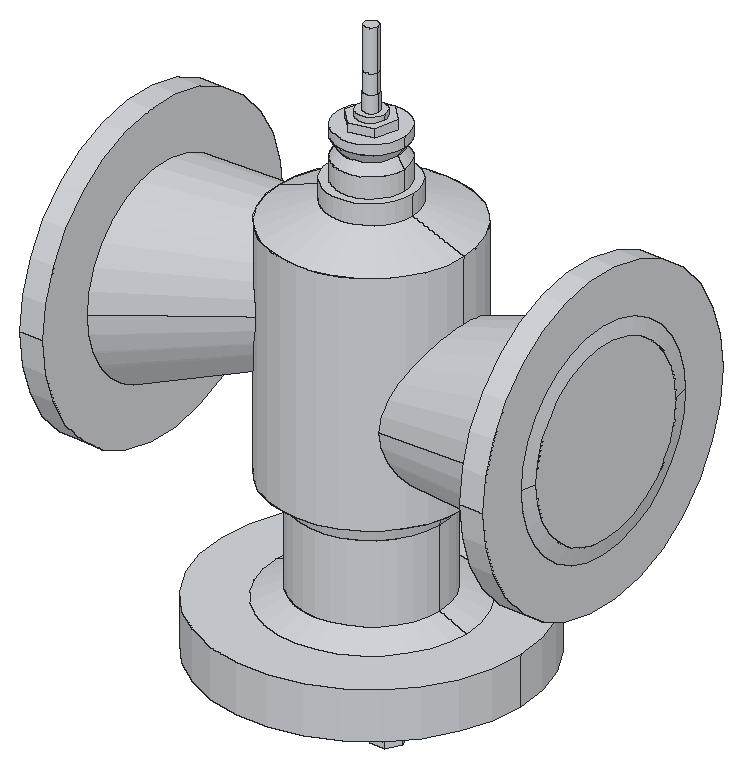
Revit family "2FGB_PN16_DN065_RFA_2018", category Pipe Accessories, Revit 2018
Family settings
  Round Connector Dimension = Use Diameter
  Part Type = Valve - Breaks Into
  Work Plane-Based = No
  Always vertical = Yes
  Cut with Voids When Loaded = No
  Shared = No
Parameters (values of type "2FGB PN16 DN065")
  magiProductId = ""
  magiProductFamilyId = ""
  magiPartTypeId = 306
  isMeasuringValve [instance] = no
  ang2D [instance] = 0.00°
  Z9 = 4.2 mm
  Z8 = 5.7 mm
  Z7 = 3 mm
  Z6 = 6 mm
  Z5 = 6 mm
  Z4 = 12 mm
  Z3 = 139.45 mm
  Z19 = 9.9 mm
  Z15 = 33.25 mm
  Z14__ve = -Z14  # -11.875 mm
  Z14 = 11.875 mm
  Z13 = 6.82 mm
  Z12 = 47.74 mm
  Z10 = 5.1 mm
  X4 = 28.6 mm
  X2__ve = -X2  # -14.3 mm
  X2 = 14.3 mm
  X1 = 2 mm
  W2D = 65 mm
  VersionID = ""
  Use Minimum Symbol Size [instance] = yes
  URL = "www.hydronix.cz"
  Type Comments = "Přírubový; EQM charakteristika; PN16; -10~+150°C"
  R9 = 4 mm
  R7 = 8.34 mm
  R6 = 13.9 mm
  R5 = 16.474 mm
  R4 = 20.592 mm
  R3 = 25.74 mm
  R2 = 44.25 mm
  R13 = 42.48 mm
  R12 = 4.378 mm
  R1 = 35.4 mm
  QmdConnectorList = "301;D;302;D"
  Productdata [instance] = "2FGB65 (DN65; PN16; kvs63)"
  Manufacturer = "Hydronix"
  Maintenance Zone Under Depth [instance] = 207 mm
  Maintenance Zone Right Depth [instance] = 175 mm
  Maintenance Zone Over Depth [instance] = 221 mm
  Maintenance Zone Left Depth [instance] = 175 mm
  Maintenance Zone Front Depth [instance] = 110 mm
  Maintenance Zone Back Depth [instance] = 110 mm
  Maintenance Zone Front Visibility [instance] = no
  LT2 = 145 mm
  L2D_Min = 3048 mm
  L2D = 290 mm
  HCDT2 = 59 mm
  H4 = 175 mm
  H3 = 95 mm
  H2 = 25 mm
  FDT2 = 92.5 mm
  Description = "2 cestný regulační ventil přírubový; DN65; PN16; kvs63; zdvih 25mm"
  D4 = 53.975 mm
  D3 = 63.5 mm
  D2 = 57.2 mm
  D = 65 mm
  CenSd_R6_6 = R6 * cos(30.00°)  # 12.037 mm
  CenSd_A_6 = A * cos(30.00°)  # 8.011 mm
  Clearance Zone Height Depth [instance] = 221 mm
  CZONC [instance] = 175 mm
  Clearance Zone Visibility [instance] = no
  B1 = 51.265 mm
  A = 9.25 mm
Types (5, lengths in mm): name | Z9 | Z8 | Z6 | Z5 | Z4 | Z3 | Z19 | Z15 | Z14__ve | Z14 | Z13 | Z12 | Z10 | X4 | X2__ve | X2 | W2D | R7 | R6 | R5 | R4 | R3 | R2 | R13 | R12 | R1 | Productdata | LT2 | L2D | HCDT2 | H4 | H3 | H2 | FDT2 | Description | D4 | D3 | D2 | D | CenSd_R6_6 | CenSd_A_6 | B1 | A
  2FGB PN16 DN100 | 4.165 | 5.602 | 5.95 | 5.95 | 11.9 | 168.575 | 9.767 | 40.775 | -14.562 | 14.562 | 8.12 | 56.84 | 5.082 | 34.6 | -17.3 | 17.3 | 100 | 10.089 | 16.816 | 19.93 | 24.912 | 31.14 | 57.375 | 55.08 | 5.297 | 45.9 | "2FGB100 (DN100; PN16; kvs130)" | 175 | 350 | 76.5 | 207 | 116.5 | 45 | 110 | "2 cestný regulační ventil přírubový; DN100; PN16; kvs130; zdvih 45mm" | 68.85 | 81 | 69.2 | 100 | 14.563 | 9.526 | 63.64 | 11
  2FGB PN16 DN080 | 4.2 | 5.7 | 6 | 6 | 12 | 151.95 | 9.9 | 36.75 | -13.125 | 13.125 | 7.32 | 51.24 | 5.1 | 30.6 | -15.3 | 15.3 | 80 | 8.923 | 14.872 | 17.626 | 22.032 | 27.54 | 49.875 | 47.88 | 4.685 | 39.9 | "2FGB80 (DN80; PN16; kvs100)" | 155 | 310 | 66.5 | 187 | 105 | 45 | 100 | "2 cestný regulační ventil přírubový; DN80; PN16; kvs100; zdvih 45mm" | 60.35 | 71 | 61.2 | 80 | 12.879 | 8.66 | 56.569 | 10
  2FGB PN16 DN065 | 4.2 | 5.7 | 6 | 6 | 12 | 139.45 | 9.9 | 33.25 | -11.875 | 11.875 | 6.82 | 47.74 | 5.1 | 28.6 | -14.3 | 14.3 | 65 | 8.34 | 13.9 | 16.474 | 20.592 | 25.74 | 44.25 | 42.48 | 4.378 | 35.4 | "2FGB65 (DN65; PN16; kvs63)" | 145 | 290 | 59 | 175 | 95 | 25 | 92.5 | "2 cestný regulační ventil přírubový; DN65; PN16; kvs63; zdvih 25mm" | 53.975 | 63.5 | 57.2 | 65 | 12.037 | 8.011 | 51.265 | 9.25
  2FGB PN16 DN150 | 4.2 | 5.7 | 6 | 6 | 12 | 227.45 | 9.9 | 54.95 | -19.625 | 19.625 | 10.97 | 76.79 | 5.1 | 47.6 | -23.8 | 23.8 | 150 | 13.88 | 23.134 | 27.418 | 34.272 | 42.84 | 77.625 | 74.52 | 7.287 | 62.1 | "2FGB150 (DN150; PN16; kvs300)" | 240 | 480 | 103.5 | 277 | 157 | 45 | 142.5 | "2 cestný regulační ventil přírubový; DN150; PN16; kvs300; zdvih 45mm" | 92.65 | 109 | 95.2 | 150 | 20.034 | 12.341 | 84.853 | 14.25
  2FGB PN16 DN125 | 4.2 | 5.7 | 6 | 6 | 12 | 196.45 | 9.9 | 48.65 | -17.375 | 17.375 | 9.22 | 64.54 | 5.1 | 39.6 | -19.8 | 19.8 | 125 | 11.547 | 19.246 | 22.81 | 28.512 | 35.64 | 68.625 | 65.88 | 6.062 | 54.9 | "2FGB125 (DN125; PN16; kvs200)" | 200 | 400 | 91.5 | 234 | 139 | 45 | 125 | "2 cestný regulační ventil přírubový; DN125; PN16; kvs200; zdvih 45mm" | 81.6 | 96 | 79.2 | 125 | 16.667 | 10.825 | 74.246 | 12.5
Reference planes
  plane 1 "Center (Front/Back)": y = 0
  plane 2 "XYPLANE": z = 0
  plane 3 "Center (Left/Right)": x = 0
  plane 4 "234": y = -51.265
  plane 5 "233": x = 51.265
  plane 6 "232": x = -51.265
  plane 7 "231": y = 51.265
  plane 8 "225": z = -165
  plane 9 "223": z = 221
  plane 10 "221": x = -175
  plane 11 "220": x = 175
  plane 12 "219": y = -110
  plane 13 "218": y = 110
  plane 14 "196": z = -207
  plane 15 "182": z = 155
  plane 16 "161": z = 143
  plane 17 "158": z = 137.3
  plane 18 "150": z = 133.1
  plane 19 "148": z = 130.1
  plane 20 "142": z = 125
  plane 21 "136": z = 119
  plane 22 "135": z = 113
  plane 23 "131": z = 107
  plane 24 "78": z = 71.25
  plane 25 "77": z = 83.125
  plane 26 "74": z = 95
  plane 27 "70": z = -68.2
  plane 28 "65": z = -75.02
  plane 29 "64": z = -81.84
  plane 30 "58": z = -129.58
  plane 31 "57": z = -136.4
  plane 32 "46": z = -175
  plane 33 "28": x = 128.7
  plane 34 "27": x = 143
  plane 35 "21": z = -20
  plane 36 "16": z = 33.25
  plane 37 "13": x = -128.7
  plane 38 "7": x = -143
  plane 39 "6": x = 145
  plane 40 "5": x = -145
  plane 41 "3": y = 0
  plane 42 "2": z = 0
  plane 43 "1": x = 0
Forms (mm)
  Extrusion 1, solid
    sketch origin (-750, 0, -175) x (1, 0, 0) y (0, 1, 0)
      loop
        line (810.515, -51.265) -> (805.89, -43.255) -> (796.64, -43.255) -> (792.015, -51.265) -> (796.64, -59.276) -> (805.89, -59.276) -> (810.515, -51.265)
    from 0 to 10
  Extrusion 2, solid
    sketch origin (-750, 0, -175) x (1, 0, 0) y (0, 1, 0)
      loop
        line (707.985, -51.265) -> (703.36, -43.255) -> (694.11, -43.255) -> (689.485, -51.265) -> (694.11, -59.276) -> (703.36, -59.276) -> (707.985, -51.265)
    from 0 to 10
  Extrusion 3, solid
    sketch origin (-750, 0, -175) x (1, 0, 0) y (0, 1, 0)
      loop
        line (810.515, 51.265) -> (805.89, 59.276) -> (796.64, 59.276) -> (792.015, 51.265) -> (796.64, 43.255) -> (805.89, 43.255) -> (810.515, 51.265)
    from 0 to 10
  Extrusion 4, solid
    sketch origin (-750, 0, -175) x (1, 0, 0) y (0, 1, 0)
      loop
        line (707.985, 51.265) -> (703.36, 59.276) -> (694.11, 59.276) -> (689.485, 51.265) -> (694.11, 43.255) -> (703.36, 43.255) -> (707.985, 51.265)
    from 0 to 10
  Blend 5, solid, visible <- "Maintenance Zone Front Visibility"
    base sketch origin (-750, 0, 221) x (1, 0, 0) y (0, 1, 0)
      loop
        line (575, 110) -> (575, -110) -> (925, -110) -> (925, 110) -> (575, 110)
    top sketch origin (-750, 0, 221) x (1, 0, 0) y (0, 1, 0)
      loop
        line (575, 110) -> (575, -110) -> (925, -110) -> (925, 110) -> (575, 110)
    from 0 to -428
  Extrusion 6, solid, visible <- "Clearance Zone Visibility"
    sketch origin (-750, 0, 0) x (1, 0, 0) y (0, 1, 0)
      loop
        circle (750, 0) r 175
    from 0 to 221 <- "Clearance Zone Height Depth"
  Extrusion 7, solid
    sketch origin (-750, 0, 133.1) x (1, 0, 0) y (0, 1, 0)
      loop
        circle (750, 0) r 4.378
    from 0 to 9.9 <- "Z19"
  Extrusion 8, solid
    sketch origin (-750, 0, 155) x (1, 0, 0) y (0, 1, 0)
      loop
        circle (750, 0) r 4
    from 0 to 25 <- "H2"
  Extrusion 9, solid
    sketch origin (-750, 0, 143) x (1, 0, 0) y (0, 1, 0)
      loop
        circle (750, 0) r 4
    from 0 to 12 <- "Z4"
  Extrusion 10, solid
    sketch origin (-750, 0, 130.1) x (1, 0, 0) y (0, 1, 0)
      loop
        circle (750, 0) r 8.34
    from 0 to 3 <- "Z7"
  Extrusion 11, solid
    sketch origin (-750, 0, 125) x (1, 0, 0) y (0, 1, 0)
      loop
        line (759.829, -9.829) -> (763.426, 3.597) -> (753.597, 13.426) -> (740.171, 9.829) -> (736.574, -3.597) -> (746.403, -13.426) -> (759.829, -9.829)
    from 0 to 5.1 <- "Z10"
  Extrusion 12, solid
    sketch origin (-750, 0, 119) x (1, 0, 0) y (0, 1, 0)
      loop
        circle (750, 0) r 20.592
    from 0 to 6 <- "Z6"
  Blend 13, solid
    base sketch origin (-750, 0, 113) x (1, 0, 0) y (0, 1, 0)
      loop
        circle (750, 0) r 16.474
    top sketch origin (-750, 0, 113) x (1, 0, 0) y (0, 1, 0)
      loop
        circle (750, 0) r 20.592
    from 0 to 6
  Blend 14, solid
    base sketch origin (-750, 0, 107) x (1, 0, 0) y (0, 1, 0)
      loop
        circle (750, 0) r 20.592
    top sketch origin (-750, 0, 107) x (1, 0, 0) y (0, 1, 0)
      loop
        circle (750, 0) r 16.474
    from 0 to 6
  Extrusion 15, solid
    sketch origin (-750, 0, 95) x (1, 0, 0) y (0, 1, 0)
      loop
        circle (750, 0) r 20.592
    from 0 to 12 <- "Z4"
  Extrusion 16, solid
    sketch origin (-750, 0, 95) x (1, 0, 0) y (0, 1, 0)
      loop
        circle (750, 0) r 25.74
    from 0 to -11.875 <- "Z14__ve"
  Blend 17, solid
    base sketch origin (-750, 0, 71.25) x (1, 0, 0) y (0, 1, 0)
      loop
        circle (750, 0) r 57.2
    top sketch origin (-750, 0, 71.25) x (1, 0, 0) y (0, 1, 0)
      loop
        circle (750, 0) r 25.74
    from 0 to 11.875
  Blend 18, solid
    base sketch origin (-750, 0, -75.02) x (1, 0, 0) y (0, 1, 0)
      loop
        circle (750, 0) r 44.25
    top sketch origin (-750, 0, -75.02) x (1, 0, 0) y (0, 1, 0)
      loop
        circle (750, 0) r 57.2
    from 0 to 6.82
  Blend 19, solid
    base sketch origin (-750, 0, -81.84) x (1, 0, 0) y (0, 1, 0)
      loop
        circle (750, 0) r 42.48
    top sketch origin (-750, 0, -81.84) x (1, 0, 0) y (0, 1, 0)
      loop
        circle (750, 0) r 44.25
    from 0 to 6.82
  Extrusion 20, solid
    sketch origin (-750, 0, -129.58) x (1, 0, 0) y (0, 1, 0)
      loop
        circle (750, 0) r 42.48
    from 0 to 47.74 <- "Z12"
  Blend 21, solid
    base sketch origin (-750, 0, -136.4) x (1, 0, 0) y (0, 1, 0)
      loop
        circle (750, 0) r 59
    top sketch origin (-750, 0, -136.4) x (1, 0, 0) y (0, 1, 0)
      loop
        circle (750, 0) r 42.48
    from 0 to 6.82
  Extrusion 22, solid
    sketch origin (-750, 0, -165) x (1, 0, 0) y (0, 1, 0)
      loop
        circle (750, 0) r 92.5
    from 0 to 28.6 <- "X4"
  Blend 23, solid
    base sketch origin (143, -750, 0) x (0, 1, 0) y (0, 0, 1)
      loop
        circle (750, 0) r 63.5
    top sketch origin (143, -750, 0) x (0, 1, 0) y (0, 0, 1)
      loop
        circle (750, 0) r 53.975
    from 0 to 2
  Blend 24, solid
    base sketch origin (-145, -750, 0) x (0, 1, 0) y (0, 0, 1)
      loop
        circle (750, 0) r 53.975
    top sketch origin (-145, -750, 0) x (0, 1, 0) y (0, 0, 1)
      loop
        circle (750, 0) r 63.5
    from 0 to 2
  Extrusion 25, solid
    sketch origin (143, -750, 0) x (0, 1, 0) y (0, 0, 1)
      loop
        circle (750, 0) r 92.5
    from 0 to -14.3 <- "X2__ve"
  Blend 26, solid
    base sketch origin (0, -750, 0) x (0, 1, 0) y (0, 0, 1)
      loop
        circle (750, -20) r 35.4
    top sketch origin (0, -750, 0) x (0, 1, 0) y (0, 0, 1)
      loop
        circle (750, 0) r 59
    from 0 to 128.7
  Extrusion 27, solid
    sketch origin (-750, 0, -68.2) x (1, 0, 0) y (0, 1, 0)
      loop
        circle (750, 0) r 57.2
    from 0 to 139.45 <- "Z3"
  Blend 28, solid
    base sketch origin (-128.7, -750, 0) x (0, 1, 0) y (0, 0, 1)
      loop
        circle (750, 0) r 59
    top sketch origin (-128.7, -750, 0) x (0, 1, 0) y (0, 0, 1)
      loop
        circle (750, 33.25) r 35.4
    from 0 to 128.7
  Extrusion 29, solid
    sketch origin (-143, -750, 0) x (0, 1, 0) y (0, 0, 1)
      loop
        circle (750, 0) r 92.5
    from 0 to 14.3 <- "X2"
  Extrusion 30, solid, not visible
    sketch origin (145, -750, 0) x (0, 1, 0) y (0, 0, 1)
      loop
        circle (750, 0) r 10
    from 0 to -10
  Extrusion 31, solid, not visible
    sketch origin (-145, -750, 0) x (0, 1, 0) y (0, 0, 1)
      loop
        circle (750, 0) r 10
    from 0 to 10
Lines and regions (mm)
  reference lines, not visible
    curve 1: circle (2, 2, 0) r 1 normal (0, 0, 1)
  reference lines
    curve 2: line (51.265, -51.265, -175) -> (48.515, -46.502, -175)
    curve 3: line (51.265, -51.265, -175) -> (45.765, -51.265, -175)
    curve 4: line (51.265, -51.265, -175) -> (48.515, -56.028, -175)
    curve 5: line (-51.265, -51.265, -175) -> (-54.015, -46.502, -175)
    curve 6: line (-51.265, -51.265, -175) -> (-56.765, -51.265, -175)
    curve 7: line (-51.265, -51.265, -175) -> (-54.015, -56.028, -175)
    curve 8: line (51.265, 51.265, -175) -> (48.515, 56.028, -175)
    curve 9: line (51.265, 51.265, -175) -> (45.765, 51.265, -175)
    curve 10: line (51.265, 51.265, -175) -> (48.515, 46.502, -175)
    curve 11: line (-51.265, 51.265, -175) -> (-54.015, 56.028, -175)
    curve 12: line (-51.265, 51.265, -175) -> (-56.765, 51.265, -175)
    curve 13: line (-51.265, 51.265, -175) -> (-54.015, 46.502, -175)
    curve 14: line (0, 0, 125) -> (2.176, 8.121, 125)
    curve 15: line (0, 0, 125) -> (-5.945, 5.945, 125)
    curve 16: line (0, 0, 125) -> (-8.121, -2.176, 125)
Dimensions and locks
  plane 1 "Center (Front/Back)" to curve 1 = 2 mm
  "B1": plane 1 "Center (Front/Back)" to plane 4 "234"
  "B1": plane 3 "Center (Left/Right)" to plane 5 "233"
  "B1": plane 3 "Center (Left/Right)" to plane 6 "232"
  "B1": plane 1 "Center (Front/Back)" to plane 7 "231"
  locked: plane 32 "46" to plane 8 "225" at 10
  "Maintenance Zone Over Depth": plane 2 "XYPLANE" to plane 9 "223"
  "Maintenance Zone Left Depth": plane 3 "Center (Left/Right)" to plane 10 "221"
  "Maintenance Zone Right Depth": plane 3 "Center (Left/Right)" to plane 11 "220"
  "Maintenance Zone Front Depth": plane 1 "Center (Front/Back)" to plane 12 "219"
  "Maintenance Zone Back Depth": plane 1 "Center (Front/Back)" to plane 13 "218"
  "Maintenance Zone Under Depth": plane 2 "XYPLANE" to plane 14 "196"
  "Z4": plane 16 "161" to plane 15 "182"
  "Z8": plane 17 "158" to plane 16 "161"
  "Z9": plane 18 "150" to plane 17 "158"
  "Z7": plane 19 "148" to plane 18 "150"
  "Z10": plane 20 "142" to plane 19 "148"
  "Z6": plane 21 "136" to plane 20 "142"
  "Z5": plane 22 "135" to plane 21 "136"
  "Z5": plane 23 "131" to plane 22 "135"
  "Z4": plane 26 "74" to plane 23 "131"
  "Z14": plane 25 "77" to plane 24 "78"
  "Z14": plane 26 "74" to plane 25 "77"
  "H3": plane 2 "XYPLANE" to plane 26 "74"
  "Z13": plane 28 "65" to plane 27 "70"
  "Z13": plane 29 "64" to plane 28 "65"
  "Z12": plane 30 "58" to plane 29 "64"
  "Z13": plane 31 "57" to plane 30 "58"
  "X4": plane 8 "225" to plane 31 "57"
  "H4": plane 2 "XYPLANE" to plane 32 "46"
  "X2": plane 34 "27" to plane 33 "28"
  "X1": plane 39 "6" to plane 34 "27"
  locked: plane 42 "2" to plane 35 "21" at 20
  "Z15": plane 42 "2" to plane 36 "16"
  "X2": plane 38 "7" to plane 37 "13"
  "X1": plane 40 "5" to plane 38 "7"
  "LT2": plane 3 "Center (Left/Right)" to plane 39 "6"
  "LT2": plane 3 "Center (Left/Right)" to plane 40 "5"
  locked: plane 1 "Center (Front/Back)" to plane 41 "3"
  locked: plane 2 "XYPLANE" to plane 42 "2"
  locked: plane 3 "Center (Left/Right)" to plane 43 "1"
  "CenSd_A_6": curve 2 to Extrusion 1 sketch curve  (x2)
  "CenSd_A_6": curve 3 to Extrusion 1 sketch curve  (x2)
  "CenSd_A_6": curve 4 to Extrusion 1 sketch curve  (x2)
  "CenSd_A_6": curve 5 to Extrusion 2 sketch curve  (x2)
  "CenSd_A_6": curve 6 to Extrusion 2 sketch curve  (x2)
  "CenSd_A_6": curve 7 to Extrusion 2 sketch curve  (x2)
  "CenSd_A_6": curve 8 to Extrusion 3 sketch curve  (x2)
  "CenSd_A_6": curve 9 to Extrusion 3 sketch curve  (x2)
  "CenSd_A_6": curve 10 to Extrusion 3 sketch curve  (x2)
  "CenSd_A_6": curve 11 to Extrusion 4 sketch curve  (x2)
  "CenSd_A_6": curve 12 to Extrusion 4 sketch curve  (x2)
  "CenSd_A_6": curve 13 to Extrusion 4 sketch curve  (x2)
  "CenSd_R6_6": curve 14 to Extrusion 11 sketch curve  (x2)
  "CenSd_R6_6": curve 15 to Extrusion 11 sketch curve  (x2)
  "CenSd_R6_6": curve 16 to Extrusion 11 sketch curve  (x2)
  "CZONC": radius of Extrusion 6 sketch curve
  "R12": radius of Extrusion 7 sketch curve
  "R9": radius of Extrusion 8 sketch curve
  "R9": radius of Extrusion 9 sketch curve
  "R7": radius of Extrusion 10 sketch curve
  "R4": radius of Extrusion 12 sketch curve
  "R4": radius of Blend 13 sketch curve
  "R5": radius of Blend 13 sketch curve
  "R5": radius of Blend 14 sketch curve
  "R4": radius of Blend 14 sketch curve
  "R4": radius of Extrusion 15 sketch curve
  "R3": radius of Extrusion 16 sketch curve
  "R3": radius of Blend 17 sketch curve
  "D2": radius of Blend 17 sketch curve
  "D2": radius of Blend 18 sketch curve
  "R2": radius of Blend 18 sketch curve
  "R2": radius of Blend 19 sketch curve
  "R13": radius of Blend 19 sketch curve
  "R13": radius of Extrusion 20 sketch curve
  "R13": radius of Blend 21 sketch curve
  "HCDT2": radius of Blend 21 sketch curve
  "FDT2": radius of Extrusion 22 sketch curve
  "D4": radius of Blend 23 sketch curve
  "D3": radius of Blend 23 sketch curve
  "D3": radius of Blend 24 sketch curve
  "D4": radius of Blend 24 sketch curve
  "FDT2": radius of Extrusion 25 sketch curve
  "HCDT2": radius of Blend 26 sketch curve
  "R1": radius of Blend 26 sketch curve
  "D2": radius of Extrusion 27 sketch curve
  "R1": radius of Blend 28 sketch curve
  "HCDT2": radius of Blend 28 sketch curve
  "FDT2": radius of Extrusion 29 sketch curve
  locked: curve 3 to curve 2 (angle 60.00°)
  locked: curve 4 to curve 3 (angle 60.00°)
  locked: curve 4 to curve 2 (angle 120.00°)
  locked: curve 6 to curve 5 (angle 60.00°)
  locked: curve 7 to curve 6 (angle 60.00°)
  locked: curve 7 to curve 5 (angle 120.00°)
  locked: curve 9 to curve 8 (angle 60.00°)
  locked: curve 10 to curve 9 (angle 60.00°)
  locked: curve 10 to curve 8 (angle 120.00°)
  locked: curve 12 to curve 11 (angle 60.00°)
  locked: curve 13 to curve 12 (angle 60.00°)
  locked: curve 13 to curve 11 (angle 120.00°)
  locked: curve 15 to curve 14 (angle 60.00°)
  locked: curve 16 to curve 15 (angle 60.00°)
  locked: curve 16 to curve 14 (angle 120.00°)
  aligned and locked: level to plane 2 "XYPLANE"
  aligned and locked: plane 4 "234" to curve 2
  aligned and locked: plane 5 "233" to curve 2
  aligned and locked: plane 4 "234" to curve 5
  aligned and locked: plane 6 "232" to curve 5
  aligned and locked: plane 5 "233" to curve 8
  aligned and locked: plane 7 "231" to curve 8
  aligned and locked: plane 6 "232" to curve 11
  aligned and locked: plane 7 "231" to curve 11
  aligned and locked: plane 13 "218" to Blend 5 sketch curve  (x4)
  aligned and locked: plane 12 "219" to Blend 5 sketch curve  (x4)
  aligned and locked: plane 10 "221" to Blend 5 sketch curve  (x4)
  aligned and locked: plane 11 "220" to Blend 5 sketch curve  (x4)
  aligned and locked: Blend 5 to plane 14 "196"
  aligned and locked: plane 41 "3" to Extrusion 6 sketch curve
  aligned and locked: plane 43 "1" to Extrusion 6 sketch curve
  aligned and locked: plane 41 "3" to Extrusion 7 sketch curve
  aligned and locked: plane 43 "1" to Extrusion 7 sketch curve
  aligned and locked: plane 41 "3" to Extrusion 8 sketch curve
  aligned and locked: plane 43 "1" to Extrusion 8 sketch curve
  aligned and locked: plane 41 "3" to Extrusion 9 sketch curve
  aligned and locked: plane 43 "1" to Extrusion 9 sketch curve
  aligned and locked: plane 41 "3" to Extrusion 10 sketch curve
  aligned and locked: plane 43 "1" to Extrusion 10 sketch curve
  aligned and locked: plane 41 "3" to curve 14
  aligned and locked: plane 43 "1" to curve 14
  aligned and locked: plane 41 "3" to Extrusion 12 sketch curve
  aligned and locked: plane 43 "1" to Extrusion 12 sketch curve
  aligned and locked: plane 41 "3" to Blend 13 sketch curve  (x2)
  aligned and locked: plane 43 "1" to Blend 13 sketch curve  (x2)
  aligned and locked: plane 21 "136" to Blend 13
  aligned and locked: plane 41 "3" to Blend 14 sketch curve  (x2)
  aligned and locked: plane 43 "1" to Blend 14 sketch curve  (x2)
  aligned and locked: plane 22 "135" to Blend 14
  aligned and locked: plane 41 "3" to Extrusion 15 sketch curve
  aligned and locked: plane 43 "1" to Extrusion 15 sketch curve
  aligned and locked: plane 41 "3" to Extrusion 16 sketch curve
  aligned and locked: plane 43 "1" to Extrusion 16 sketch curve
  aligned and locked: plane 41 "3" to Blend 17 sketch curve  (x2)
  aligned and locked: plane 43 "1" to Blend 17 sketch curve  (x2)
  aligned and locked: plane 25 "77" to Blend 17
  aligned and locked: plane 41 "3" to Blend 18 sketch curve  (x2)
  aligned and locked: plane 43 "1" to Blend 18 sketch curve  (x2)
  aligned and locked: plane 27 "70" to Blend 18
  aligned and locked: plane 41 "3" to Blend 19 sketch curve  (x2)
  aligned and locked: plane 43 "1" to Blend 19 sketch curve  (x2)
  aligned and locked: plane 28 "65" to Blend 19
  aligned and locked: plane 41 "3" to Extrusion 20 sketch curve
  aligned and locked: plane 43 "1" to Extrusion 20 sketch curve
  aligned and locked: plane 41 "3" to Blend 21 sketch curve  (x2)
  aligned and locked: plane 43 "1" to Blend 21 sketch curve  (x2)
  aligned and locked: plane 30 "58" to Blend 21
  aligned and locked: plane 41 "3" to Extrusion 22 sketch curve
  aligned and locked: plane 43 "1" to Extrusion 22 sketch curve
  aligned and locked: Blend 23 sketch curve to plane 41 "3"  (x2)
  aligned and locked: plane 42 "2" to Blend 23 sketch curve  (x2)
  aligned and locked: plane 39 "6" to Blend 23
  aligned and locked: Blend 24 sketch curve to plane 41 "3"  (x2)
  aligned and locked: plane 42 "2" to Blend 24 sketch curve  (x2)
  aligned and locked: plane 38 "7" to Blend 24
  aligned and locked: Extrusion 25 sketch curve to plane 41 "3"
  aligned and locked: plane 42 "2" to Extrusion 25 sketch curve
  aligned and locked: Blend 26 sketch curve to plane 41 "3"  (x2)
  aligned and locked: plane 42 "2" to Blend 26 sketch curve
  aligned and locked: plane 35 "21" to Blend 26 sketch curve
  aligned and locked: plane 33 "28" to Blend 26
  aligned and locked: plane 41 "3" to Extrusion 27 sketch curve
  aligned and locked: plane 43 "1" to Extrusion 27 sketch curve
  aligned and locked: plane 36 "16" to Blend 28 sketch curve
  aligned and locked: plane 41 "3" to Blend 28 sketch curve
  aligned and locked: Blend 28 sketch curve to plane 41 "3"
  aligned and locked: plane 42 "2" to Blend 28 sketch curve
  aligned and locked: plane 43 "1" to Blend 28
  aligned and locked: Extrusion 29 sketch curve to plane 41 "3"
  aligned and locked: plane 42 "2" to Extrusion 29 sketch curve
  aligned and locked: Extrusion 30 sketch curve to plane 41 "3"
  aligned and locked: plane 42 "2" to Extrusion 30 sketch curve
  aligned and locked: Extrusion 31 sketch curve to plane 41 "3"
  aligned and locked: plane 42 "2" to Extrusion 31 sketch curve
Automatic sketch dimensions
  plane 1 "Center (Front/Back)" to curve 16 = 2.176 mm
  plane 1 "Center (Front/Back)" to Extrusion 30 sketch curve = 10 mm
  plane 1 "Center (Front/Back)" to Extrusion 31 sketch curve = 10 mm
  plane 3 "Center (Left/Right)" to curve 1 = 2 mm
  radius of curve 1 = 1 mm
Connectors
  piping at (-145, 0, 0), diameter 65, driven by "D"
    settings: on Extrusion 31, index 1, connector inside diameter 609.6 mm, connector length 0 mm, flow factor 0, pipe flow 0.0 L/s, pressure drop 0.0 Pa, fitting loss kfactor 0, connector angle 0.00°, fixture units 0, engagement length 0 mm, angle of deflection 0.00°, flow configuration 0, flow direction 0, fitting loss method 0, system type 29, joint type 0, gender type 0, connector reference index 2, connector utility 0, adjustable connector no, is connector primary yes, connector description ""
  piping at (145, 0, 0), diameter 65, driven by "D"
    settings: on Extrusion 30, index 2, connector inside diameter 609.6 mm, connector length 0 mm, flow factor 0, pipe flow 0.0 L/s, pressure drop 0.0 Pa, fitting loss kfactor 0, connector angle 0.00°, fixture units 0, engagement length 0 mm, angle of deflection 0.00°, flow configuration 0, flow direction 0, fitting loss method 0, system type 29, joint type 0, gender type 0, connector reference index 1, connector utility 0, adjustable connector no, is connector primary no, connector description ""
